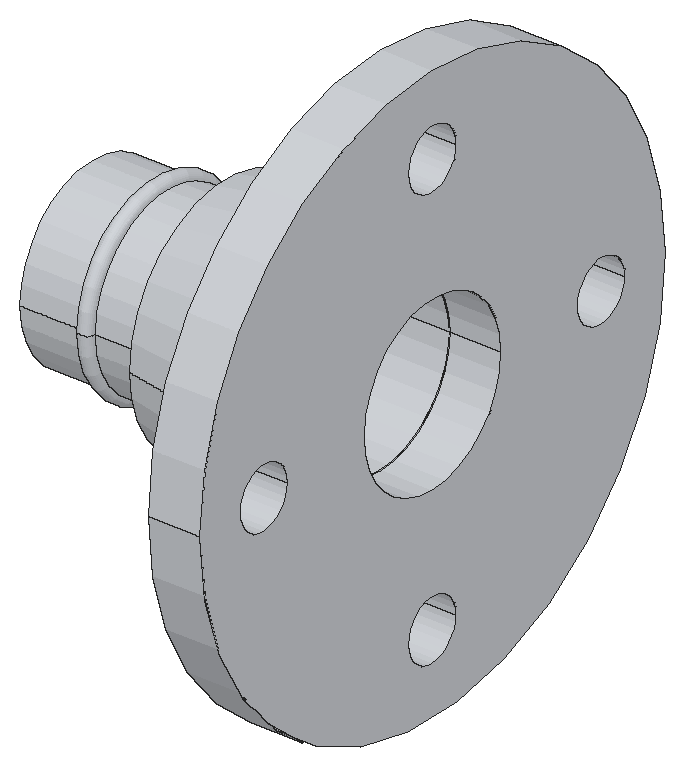
Revit family "PipeFitting_FlangeAdaptor_PressWater-B_Conex_TableE_40-50mm", category Pipe Fittings, Revit 2019
Family settings
  Round Connector Dimension = Use Radius
  Part Type = Mechanical Coupling
  OmniClass Number = 23.60.30.11.14
  OmniClass Title = Pipework Fittings
  Work Plane-Based = No
  Always vertical = Yes
  Cut with Voids When Loaded = No
  Shared = No
Parameters (values of type "Standard_Flange Adaptor")
  Z [instance] = size_lookup(Lookup Table Name, "Z", L / 2, Diameter)  # 48.0 mm
  Uniformat IIElements = "TBC"
  URL = "http://www.conexbanninger.com.au/"
  Type Comments = "Conex Bänninger specialises in providing the best plumbing fittings and accessories across the globe by offering innovative and versatile jointing solutions. Since 1909 Conex Bänninger has produced over 10 billion copper fittings and has built its reputation for quality manufacturing, back by first-class customer service and unrivalled expertise. Passionate about excellence, Conex Bänninger is a byword for quality in the domestic, commercial, industrial, air conditioning and refrigeration markets worldwide.\r\nConex Bänninger is an ISO 9000 quality assured company, which assures you the very best in quality.\r\nConex Bänninger >B< Press is a versatile press fitting system for use with hard, half hard or soft copper tube providing a secure, life long, leak-proof joint.\r\nApproved Tools - The following tools are approved tools for installation of >B< Press fittings:\r\n•\tRomax compact (Rothenberger)\r\n•\tRomax 3000 (Rothenberger)\r\n•\tPicco (Viega)\r\n•\tPT3-AH & 4B (Viega)"
  SerialNumber [instance] = ""
  RingRadius [instance] = 0.09 * R1  # 1.8 mm
  RingOffset [instance] = (L - Z) / 2  # 15.5 mm
  R3 [instance] = D3 / 2  # 67.5 mm
  R2 [instance] = D2 / 2  # 7.0 mm
  R1 [instance] = Diameter / 2  # 20.0 mm
  ProductCode = ""
  Product Code [instance] = if(Diameter = 40.0 mm, "404689", if(Diameter = 50.0 mm, "404690", "ProductCode NA"))  # "404689"
  OmniclassProducts = "TBC"
  NATSPECWorkSection = "TBC"
  ModifiedIssue_ANZRS = 20130927.63
  Model Version = "2013-03"
  Model Status [instance] = ""
  Model Specification = "BMA"
  Model = "Standard_Flange Adaptor"
  Material = none
  Mark [instance] = ""
  Manufacturer = "Conex | Bänninger"  # constant formula
  Lookup Table Name = "Flange Adaptor_PressWater-B_Conex_TableE_40-50mm"
  L [instance] = size_lookup(Lookup Table Name, "L", Diameter + 0.6 * Diameter, Diameter)  # 79.0 mm
  K [instance] = size_lookup(Lookup Table Name, "K", D3 - 2 * D2, Diameter)  # 98.0 mm
  FlangeWidth [instance] = 0.3 * Diameter  # 12.0 mm
  FinalHHWFlow [instance] = 0.0 L/s
  Description = "TBC"
  D3 [instance] = size_lookup(Lookup Table Name, "D3", Diameter + 1.6 * Diameter, Diameter)  # 135.0 mm
  D2 [instance] = size_lookup(Lookup Table Name, "D2", 0.4 * Diameter, Diameter)  # 14.0 mm
  Diameter [instance] = 40.0 mm
  CreatedBy_ANZRS = "A2K Technologies"
  CreatedByURL_ANZRS = "http://www.bimmepaus.com.au/"
  Assembly Code = "D2090800"
Reference planes
  plane 1 "Center (Front/Back)": y = 0
  plane 2: z = 0
  plane 3 "Center (Left/Right)": x = 0
  plane 4: x = -79
  plane 5: x = -48
Forms (mm)
  Extrusion 1, solid, material <- "Material", detail levels fine
    sketch origin (0, 0, 0) x (0, 1, 0) y (0, 0, 1)
      loop
        circle (0, 0) r 67.5
      loop
        circle (0, 0) r 20
      loop
        circle (49, 0) r 7
      loop
        circle (0, 49) r 7
      loop
        circle (-49, 0) r 7
      loop
        circle (0, -49) r 7
    from -12 to 0
  Revolve 2, solid, material <- "Material", detail levels fine
    sketch origin (0, 0, 0) x (1, 0, 0) y (0, 1, 0)
      loop
        line (-79, 20) -> (-12, 20) -> (-12, 34.89) -> (-48, 28) -> (-48, 21) -> (-61.7, 21)
        arc (-61.7, 21) -> (-63.5, 22.8) -> (-65.3, 21) r 1.8
        line (-65.3, 21) -> (-79, 21) -> (-79, 20)
      axis (-79, 0) -> (-12, 0)
    angle from 0 to 360
Dimensions and locks
  equal spacing: Extrusion 1 sketch curve, plane 1 "Center (Front/Back)", Extrusion 1 sketch curve
  "K": Extrusion 1 sketch curve to Extrusion 1 sketch curve  (x2)
  equal spacing: Extrusion 1 sketch curve, plane 2, Extrusion 1 sketch curve
  "Z": plane 5 to plane 3 "Center (Left/Right)"
  "L": plane 4 to plane 3 "Center (Left/Right)"
  equal spacing: Revolve 2 sketch curve, Revolve 2 sketch curve, plane 5
  locked: Revolve 2 sketch curve to Revolve 2 sketch curve at 1  (x2)
  "R1": plane 1 "Center (Front/Back)" to Revolve 2 sketch curve
  "R2": Revolve 2 sketch curve to Revolve 2 sketch curve
  "FlangeWidth": Extrusion 1 to plane 3 "Center (Left/Right)"
  "R3": radius of Extrusion 1 sketch curve
  "R1": radius of Extrusion 1 sketch curve
  "R2": radius of Extrusion 1 sketch curve  (x4)
  "RingRadius": radius of Revolve 2 sketch curve
  angle Revolve 2 sketch curve to Revolve 2 sketch curve = 100.835°
  aligned and locked: plane 2 to level
  aligned and locked: plane 1 "Center (Front/Back)" to nested 1
  aligned and locked: plane 3 "Center (Left/Right)" to nested 1
  aligned and locked: plane 3 "Center (Left/Right)" to Extrusion 1
  aligned and locked: plane 5 to Revolve 2 sketch curve
  aligned and locked: Revolve 2 sketch curve to nested 1
  aligned and locked: Revolve 2 sketch curve to Extrusion 1
Automatic sketch dimensions
  Extrusion 1 sketch curve to Extrusion 1 sketch curve = 0.0 mm  (x2)
  Extrusion 1 sketch curve to plane 1 "Center (Front/Back)" = 0.0 mm  (x3)
  Extrusion 1 sketch curve to level = 0.0 mm  (x3)
  Revolve 2 sketch curve to plane 4 = 0.0 mm  (x2)
  Revolve 2 sketch curve to plane 3 "Center (Left/Right)" = 0.0 mm
Nested families
  nested 1: "FlangeAdaptor_S" at (-39.5, 0, 0), type "FlangeAdaptor_S", detail levels coarse+medium
Connectors
  piping at (0, 0, 0), diameter 40, driven by "R1"
    settings: on Extrusion 1, index 3, connector inside diameter 40 mm, connector length 0.0 mm, flow factor 0, pipe flow 0.0 L/s, pressure drop 0.0 Pa, fitting loss kfactor 0, connector angle 0.00°, fixture units 0, engagement length 0.0 mm, angle of deflection 0.00°, flow configuration 0, flow direction 0, fitting loss method 0, system type 28, joint type 0, gender type 0, connector reference index -1, connector utility 0, adjustable connector no, is connector primary yes, connector description ""
  piping at (-48, 0, 0), diameter 40, driven by "R1"
    settings: on Revolve 2, index 4, connector inside diameter 609.6 mm, connector length 0.0 mm, flow factor 0, pipe flow 0.0 L/s, pressure drop 0.0 Pa, fitting loss kfactor 0, connector angle 0.00°, fixture units 0, engagement length 0.0 mm, angle of deflection 0.00°, flow configuration 0, flow direction 0, fitting loss method 0, system type 28, joint type 0, gender type 0, connector reference index -1, connector utility 0, adjustable connector no, is connector primary no, connector description ""
Definition of nested family "FlangeAdaptor_S"
  Parameters
    D2 = 15.0 mm
    D = 15.0 mm
    L = 39.0 mm
  Reference planes
    plane 1 "Center (Front/Back)": y = 0
    plane 2: z = 0
    plane 3 "Center (Left/Right)": x = 0
  Lines and regions (mm)
    model lines
      curve 1: line (-19.5, 0, 0) -> (19.5, 0, 0)
      curve 2: line (19.5, -7.5, 0) -> (19.5, 7.5, 0)
      curve 3: line (-19.5, -7.5, 0) -> (-19.5, 7.5, 0)
  Dimensions and locks
    "L": curve 3 to curve 2
    equal spacing: curve 3, plane 3 "Center (Left/Right)", curve 2
    equal spacing: curve 2, plane 1 "Center (Front/Back)", curve 2
    "D2": curve 2 to curve 2
    "D": curve 3 to curve 3
    equal spacing: curve 3, plane 1 "Center (Front/Back)", curve 3
    aligned and locked: level to plane 2
    aligned and locked: plane 1 "Center (Front/Back)" to curve 1
